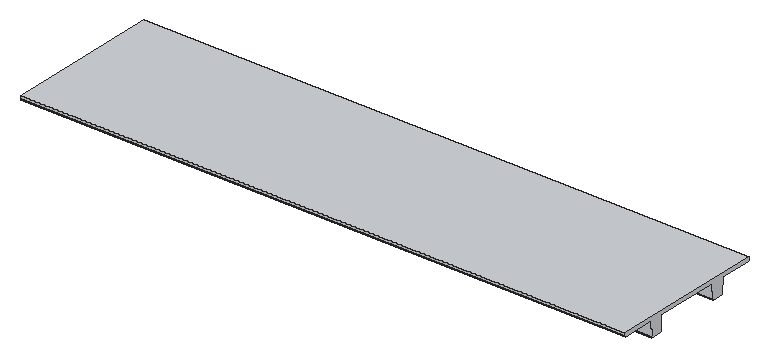
Revit family "Ribbeelement-TT", category Structural Framing, Revit 2022
Family settings
  Section Shape = Not Defined
  Material for Model Behavior = Other
  Always export as geometry = No
  OmniClass Number = 23.25.30.11.14.14
  OmniClass Title = Beams
  Always vertical = Yes
  Cut with Voids When Loaded = No
  Symbolic Representation = From Family
  Shared = No
  Show family pre-cut in plan views = Yes
Parameters (values of type "TT 30")
  Ribbe CC Afstand = 1194 mm
  Ribbe Bredde = 180 mm
  Plade Tykkelse = 60 mm
  Plade Bredde 2 = 1196 mm
  Plade Bredde 1 = 1196 mm
  Model = "TT"
  Højde = 300 mm
  Structural Material [instance] = (empty or 0)
  Manufacturer = "CRH Concrete"  # constant formula
  Length [instance] = 10000 mm
  CRH_RFA_TimeStamp_LastSave = 20230927  # constant formula
  CRH_RFA_TimeStamp_LastRelease = 20230927  # constant formula
  CRH_RFA_Bruger_LastSave = "kvnUVH7F"  # constant formula
  CRH_RFA_Bruger_LastRelease = "kvnUVH7F"  # constant formula
Types (12, lengths in mm): name | Ribbe CC Afstand | Ribbe Bredde | Model | Højde | Length
  (no name) | 1194 | 180 | "TT" | 300 | 10000
  TTD 102 | 1276 | 190 | "TTD" | 1020 | 10000
  TT 30 | 1194 | 180 | "TT" | 300 | 10000
  TT 40 | 1194 | 170 | "TT" | 400 | 10000
  TT 50 | 1194 | 160 | "TT" | 500 | 10000
  TT 60 | 1194 | 150 | "TT" | 600 | 17200
  TT 76 | 1210 | 150 | "TT" | 760 | 10000
  TTD 40 | 1214 | 190 | "TTD" | 400 | 10000
  TTD 50 | 1224 | 190 | "TTD" | 500 | 10000
  TTD 60 | 1234 | 190 | "TTD" | 600 | 10000
  TTD 76 | 1250 | 190 | "TTD" | 760 | 10000
  TTD 90 | 1264 | 190 | "TTD" | 900 | 10000
Reference planes
  plane 1 "Center (Front/Back)": y = 0
  plane 2 "Center Elevation": z = 0
  plane 3 "Center (Left/Right)": x = 0
  plane 4 "Left": x = -5000
  plane 5 "Member Left": x = -4720
  plane 6 "Stick Symbol Left": x = -4440
  plane 7 "Right": x = 5000
  plane 8 "Member Right": x = 4680
  plane 9 "Stick Symbol Right": x = 4360
  plane 10: y = 597
  plane 11: y = -597
  plane 12 "Back": y = 1196
  plane 13 "Front": y = -1196
Forms (mm)
  Sweep 1, solid
    path origin (0, 0, 0) x (1, 0, 0) y (0, 1, 0)
      loop
        line (-4720, 0) -> (4680, 0)
    profile "Profile-TT : Profile-TT" origin (-20, 0, 0) x (0, 1, 0) y (0, 0, 1)
      loop
        line (1196, 0) -> (-1196, 0) -> (-1196, -50) -> (-1186, -60) -> (-699, -60) -> (-687.526, -289.474) -> (-677, -300) -> (-517, -300) -> (-506.474, -289.474) -> (-495, -60) -> (495, -60) -> (506.474, -289.474) -> (517, -300) -> (677, -300) -> (687.526, -289.474) -> (699, -60) -> (1186, -60) -> (1196, -50) -> (1196, 0)
Lines and regions (mm)
  model lines, style "Stick Symbols", not visible, detail levels coarse
    curve 1: line (-4440, 0, 0) -> (4360, 0, 0)
Dimensions and locks
  equal spacing: plane 4 "Left", plane 3 "Center (Left/Right)", plane 7 "Right"
  "Length": plane 4 "Left" to plane 7 "Right"
  equal spacing: plane 10, plane 1 "Center (Front/Back)", plane 11
  "Ribbe CC Afstand": plane 10 to plane 11
  "Plade Bredde 2": plane 13 "Front" to plane 1 "Center (Front/Back)"
  "Plade Bredde 1": plane 1 "Center (Front/Back)" to plane 12 "Back"
  aligned and locked: plane 1 "Center (Front/Back)" to curve 1
  aligned and locked: plane 6 "Stick Symbol Left" to curve 1
  aligned and locked: plane 9 "Stick Symbol Right" to curve 1
  aligned and locked: plane 2 "Center Elevation" to level
  aligned and locked: plane 8 "Member Right" to Sweep 1 sketch curve
  aligned and locked: plane 5 "Member Left" to Sweep 1 sketch curve
  aligned and locked: plane 1 "Center (Front/Back)" to Sweep 1 sketch curve
